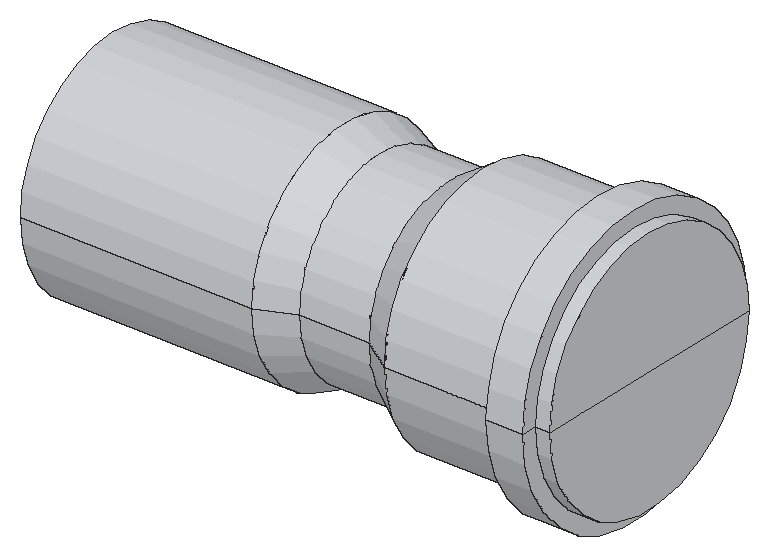
Revit family "Colar de PVC- Ferro - Soquete - DI", category Conexões de tubo, Revit 2019
Family settings
  Cota do conector redondo = Usar raio
  Tipo de parte = União
  Com base no plano de trabalho = Não
  Sempre na vertical = Sim
  Corte com vazios quando carregada = Não
  Compartilhado = Não
Parameters (values of type "160 mmx150 mm")
  Espessura da parede [instance] = (12 * (0.5 mm + (0.001 * Diâmetro nominal))) + 3 mm  # 10.8 mm
  Tamanho da marca de revisão [instance] = 0.4 * Diâmetro externo da conexão  # 64 mm
  Raio nominal [instance] = 75 mm
  Diâmetro nominal [instance] = Raio nominal * 2  # 150 mm
  Método de perda = Coeficiente K da tabela
  Comprimento 2 [instance] = if(not(Comprimento = 370 mm), Comprimento / 3, 114 mm)  # 114 mm
  Comprimento 1 [instance] = if(not(Comprimento = 370 mm), Comprimento / 3, 160 mm)  # 160 mm
  Comprimento 3 [instance] = Diâmetro nominal / 6  # 25 mm
  Tabela de coeficiente K = "Redutor/Acoplamento/União/Redutor"
  Raio externo da conexão [instance] = Diâmetro externo da conexão / 2  # 80 mm
  Diâmetro externo da conexão [instance] = Diâmetro nominal + 10 mm  # 160 mm
  Comprimento [instance] = Diâmetro nominal * 2 + 70 mm  # 370 mm
Reference planes
  plane 1 "Centro (frente/trás)": y = 0
  plane 2: z = 0
  plane 3 "Centro (direita/esquerda)": x = 0
  plane 4: x = -185
  plane 5: x = 185
  plane 6: y = 64
  plane 7: y = -64
  plane 8: y = 40
  plane 9: y = -40
  plane 10: z = 9.875
  plane 11: z = -9.875
  plane 12: x = -25
  plane 13: x = 47
  plane 14: x = 23
  plane 15: x = 71
  plane 16: x = -1
  plane 17: y = 75
Forms (mm)
  Revolve 1, solid, detail levels fine
    sketch origin (0, 0, 0) x (1, 0, 0) y (0, 1, 0)
      loop
        line (-185, 0) -> (185, 0) -> (185, 85.8) -> (175, 85.8) -> (175, 96.6) -> (150, 96.6) -> (150, 85.8) -> (71, 85.8) -> (47, 69.5) -> (-1, 69.5) -> (-25, 80) -> (-185, 80) -> (-185, 0)
      axis (-185, 0) -> (185, 0)
    angle from 0 to 360
Lines and regions (mm)
  model lines, detail levels coarse+medium
    curve 1: line (-185, 0, 0) -> (185, 0, 0)
    curve 2: line (-185, 64, 0) -> (-185, -64, 0)
    curve 3: line (185, 64, 0) -> (185, -64, 0)
Dimensions and locks
  equal spacing: plane 4, plane 3 "Centro (direita/esquerda)", plane 5
  "Comprimento": plane 4 to plane 5
  "Tamanho da marca de revisão": plane 6 to plane 1 "Centro (frente/trás)"
  "Tamanho da marca de revisão": plane 7 to plane 1 "Centro (frente/trás)"
  equal spacing: plane 10, plane 2, plane 11
  plane 10 to plane 11 = 19.75 mm
  "Raio externo da conexão": Revolve 1 sketch curve to Revolve 1 sketch curve
  "Comprimento 1": plane 4 to plane 12
  "Comprimento 2": plane 15 to plane 5
  equal spacing: plane 12, plane 16, plane 14, plane 13, plane 15
  "Raio nominal": plane 17 to plane 1 "Centro (frente/trás)"
  "Espessura da parede": plane 17 to Revolve 1 sketch curve
  equal spacing: plane 17, Revolve 1 sketch curve, plane 6
  "Espessura da parede": Revolve 1 sketch curve to Revolve 1 sketch curve
  locked: Revolve 1 sketch curve to Revolve 1 sketch curve at 10
  "Comprimento 3": Revolve 1 sketch curve to Revolve 1 sketch curve
  aligned and locked: plane 5 to curve 1
  aligned and locked: plane 4 to curve 1
  aligned and locked: plane 1 "Centro (frente/trás)" to curve 1
  aligned and locked: plane 6 to curve 2
  aligned and locked: plane 7 to curve 2
  aligned and locked: curve 2 to plane 4
  aligned and locked: curve 3 to plane 7
  aligned and locked: curve 3 to plane 6
  aligned and locked: curve 3 to plane 5
  aligned and locked: Revolve 1 sketch curve to Revolve 1 sketch curve
  aligned and locked: Revolve 1 sketch curve to plane 5
  aligned and locked: Revolve 1 sketch curve to plane 15
  aligned and locked: Revolve 1 sketch curve to plane 13
Automatic sketch dimensions
  Revolve 1 sketch curve to plane 4 = 0 mm
  Revolve 1 sketch curve to plane 12 = 0 mm
  Revolve 1 sketch curve to plane 16 = 0 mm
  Revolve 1 sketch curve to plane 4 = 20 mm
  plane 17 to Revolve 1 sketch curve = 10.8 mm
  Revolve 1 sketch curve to Revolve 1 sketch curve = 102.024 mm
  plane 1 "Centro (frente/trás)" to Revolve 1 sketch curve = 0 mm
Connectors
  piping at (-185, 0, 0), diameter 150, driven by "Raio nominal"
    settings: on Revolve 1, index 1, connector inside diameter 150 mm, connector length 0 mm, flow factor 0, pipe flow 0.0 L/s, pressure drop 0.0 Pa, fitting loss kfactor 0, connector angle 0.00°, fixture units 0, engagement length 0 mm, angle of deflection 0.00°, flow configuration 0, flow direction 0, fitting loss method 0, system type 28, joint type 0, gender type 0, connector reference index 2, connector utility 0, adjustable connector no, is connector primary yes, connector description ""
  piping at (185, 0, 0), diameter 150, driven by "Raio nominal"
    settings: on Revolve 1, index 2, connector inside diameter 150 mm, connector length 0 mm, flow factor 0, pipe flow 0.0 L/s, pressure drop 0.0 Pa, fitting loss kfactor 0, connector angle 0.00°, fixture units 0, engagement length 0 mm, angle of deflection 0.00°, flow configuration 0, flow direction 0, fitting loss method 0, system type 28, joint type 0, gender type 0, connector reference index 1, connector utility 0, adjustable connector no, is connector primary no, connector description ""
